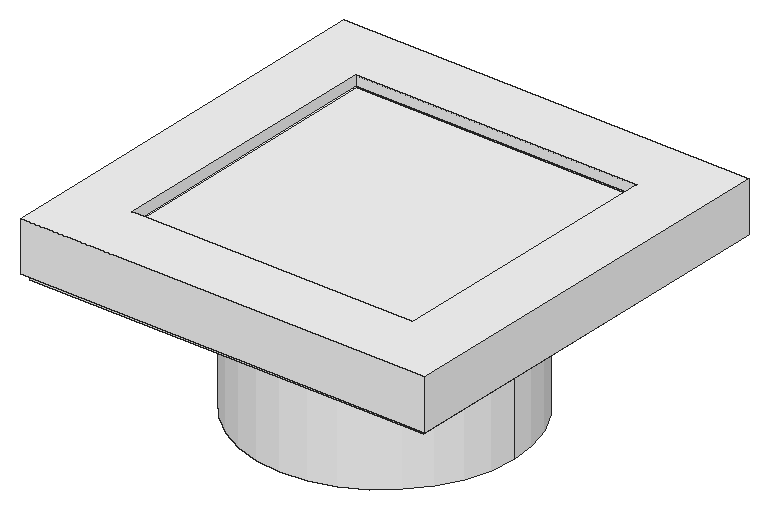
Revit family "Gira_110403", category Electrical Fixtures, host Face, Revit 2017
Family settings
  Host = Face
  Maintain Annotation Orientation = Yes
  Round Connector Dimension = Use Diameter
  Part Type = Normal
  Cut with Voids When Loaded = No
  Shared = No
  Room Calculation Point = No
Parameters (values of type "Wippschalter Anzeige Hotelzimmerstatus System 55 Reinweiß")
  Zusammenstellung = "Basiselement mit zentraler Abdeckplatte"
  White [instance] = White
  Werkstoffgüte = "sonstige"
  Werkstoff = "sonstige"
  Waschmaschinenschalter = "No"
  URL = "http://katalog.gira.de/de_DE/datenblatt.html?artikelnr=110403"
  Textfeld/Beschriftungsfläche = "nein"
  Tastschalter = "No"
  Schaltungsart = "Serienschalter"
  Rückmeldekontakt = "No"
  Region = "DE"
  RAL-Nummer (ähnlich) = "9010 "
  Oberfläche = "sonstige"
  Nennspannung = "250 Volt"
  Name = "Wippschalter Anzeige Hotelzimmerstatus System 55 Reinweiß"
  Montageart = "unter Putz"
  Model = "Sys55_Komplettgerät_Schalten und Tasten"
  Mit Montageplatte = "No"
  Manufacturer URL = "https://www.gira.de/"
  HeinzeBIM = "https://bimportal.heinze.de/bim/wippschalter-anzeige-hotelzimmerstatus-system-55-reinweiss/4941d33aacfa379d3e6990a1139f398284d29b29"
  Halogenfrei = "Yes"
  HAN = "110403"
  Geeignet für Schutzart (IP) = "IP20"
  GTIN = "4010337104032"
  Farbe = "weiß"
  Default Elevation = 1219.2 mm
  Data sheet (1) = "https://katalog.gira.de/de_DE/download.html?artikelnr=110403"
  Category = "Installationsschalter"
  Bemessungsstrom = "10 Ampere"
  Beleuchtung = "nein"
  Befestigungsart = "Krallen-/Schraubbefestigung"
  Bedienungsart = "Wippe/Taste"
  Available = "Yes"
  Ausführung der Oberfläche = "glänzend"
  Anzahl der Module (bei Modulbauweise) = "1 "
  Anzahl der Betätigungswippen = "2 "
  Anschlussart = "Steckklemme"
Reference planes
  plane 1 "Center (Front/Back)": y = 0
  plane 2: z = 0
  plane 3 "Center (Left/Right)": x = 0
Forms (mm)
  Extrusion 1, solid, material "White" <- "White", detail levels medium
    sketch origin (0, 0, 0) x (1, 0, 0) y (0, 1, 0)
      loop
        line (-40.4, 40.4) -> (-40.4, -40.4) -> (40.4, -40.4) -> (40.4, 40.4) -> (-40.4, 40.4)
      loop
        line (-28, 28) -> (-28, -28) -> (28, -28) -> (28, 28) -> (-28, 28)
    from 0 to 10
  Extrusion 2, solid, material "White" <- "White", detail levels fine
    sketch origin (0, 0, 0) x (1, 0, 0) y (0, 1, 0)
      loop
        line (-40.4, 40.4) -> (-40.4, -40.4) -> (40.4, -40.4) -> (40.4, 40.4) -> (-40.4, 40.4)
      loop
        line (-28, 28) -> (-28, -28) -> (28, -28) -> (28, 28) -> (-28, 28)
    from 0 to 10
  Extrusion 3, void
    sketch origin (0, 0, 0) x (1, 0, 0) y (0, 1, 0)
      loop
        line (-38.4, 38.4) -> (-38.4, -38.4) -> (38.4, -38.4) -> (38.4, 38.4) -> (-38.4, 38.4)
    from 0 to 8
  Extrusion 4, solid, material "White" <- "White", detail levels medium+fine
    sketch origin (0, 0, 0) x (1, 0, 0) y (0, 1, 0)
      loop
        line (-39.4, 39.4) -> (-39.4, -39.4) -> (39.4, -39.4) -> (39.4, 39.4) -> (-39.4, 39.4)
    from 0 to -1
  Extrusion 5, solid, material "White" <- "White", detail levels medium+fine
    sketch origin (0, 0, 0) x (1, 0, 0) y (0, 1, 0)
      loop
        line (-35.5, 35.5) -> (-35.5, -35.5) -> (35.5, -35.5) -> (35.5, 35.5) -> (-35.5, 35.5)
    from -2 to -3
  Extrusion 6, solid, material "White" <- "White", detail levels medium+fine
    sketch origin (0, 0, 0) x (1, 0, 0) y (0, 1, 0)
      loop
        circle (0, 0) r 26
    from 0 to -27.5
  Extrusion 7, solid, material "White" <- "White", detail levels coarse
    sketch origin (0, 0, 0) x (1, 0, 0) y (0, 1, 0)
      loop
        line (-40.4, 40.4) -> (-40.4, -40.4) -> (40.4, -40.4) -> (40.4, 40.4) -> (-40.4, 40.4)
    from -27.5 to 10
Cuts and joins
  Extrusion 3 cuts Extrusion 2
Dimensions and locks
  aligned and locked: plane 2 to host face
  aligned and locked: level to host face
  aligned and locked: plane 3 "Center (Left/Right)" to nested 2
  aligned and locked: plane 1 "Center (Front/Back)" to nested 2
Nested families
  nested 1: "Sys55_Abdeckung_Schalten und Tasten_floor_base" at (0, 0, 0), type "Sys55_Abdeckung_Schalten und Tasten_floor_base"
  nested 2: "Schalter" at (0, 0, 0), type "Schalter"
Connectors
  electrical at (0, 0, -27.5)
    settings: on Extrusion 6, index 1, voltage 220 V, apparent load 0 VA, apparent load phase1 0 VA, apparent load phase2 0 VA, apparent load phase3 0 VA, power factor 1, load classification "Other", number of poles 1, system type 30, power factor state 1, is connector primary yes, connector utility no, sub classification motor no, connector description ""
Definition of nested family "Sys55_Abdeckung_Schalten und Tasten_floor_base"
  Parameters
    Default Elevation = 1219.2 mm
    White [instance] = none
  Reference planes
    plane 1 "Center (Front/Back)": y = 0
    plane 2: z = 0
    plane 3 "Center (Left/Right)": x = 0
  Forms (mm)
    Extrusion 1, solid
      sketch origin (0, 0, 0) x (1, 0, 0) y (0, 1, 0)
        loop
          line (-1219.2, 1219.2) -> (-1219.2, -1219.2) -> (1219.2, -1219.2) -> (1219.2, 1219.2) -> (-1219.2, 1219.2)
      from 0 to -304.8
    Extrusion 2, solid, material <- "White", detail levels fine
      sketch origin (0, 0, 0) x (1, 0, 0) y (0, 1, 0)
        loop
          line (-27.5, 27.5) -> (-27.5, -27.5) -> (27.5, -27.5) -> (27.5, 27.5) -> (-27.5, 27.5)
      from 0 to 8
    Extrusion 3, void
      sketch origin (0, 0, 0) x (1, 0, 0) y (0, 1, 0)
        loop
          line (26, 26) -> (-26, 26) -> (-26, -26) -> (26, -26) -> (26, 26)
      from 0 to 6
    Extrusion 4, solid, material <- "White", detail levels medium
      sketch origin (0, 0, 0) x (1, 0, 0) y (0, 1, 0)
        loop
          line (-27.5, 27.5) -> (-27.5, -27.5) -> (27.5, -27.5) -> (27.5, 27.5) -> (-27.5, 27.5)
      from 0 to 8
    Extrusion 5, solid, material <- "White", detail levels medium
      sketch origin (0, 0, 0) x (1, 0, 0) y (0, 1, 0)
        loop
          line (11, -17.5) -> (11, 17.5) -> (-11, 17.5) -> (-11, -17.5) -> (11, -17.5)
      from -6 to 6
    Extrusion 6, solid, material <- "White", detail levels fine
      sketch origin (0, 0, 0) x (1, 0, 0) y (0, 1, 0)
        loop
          line (11, 17.5) -> (-11, 17.5) -> (-11, 16.5) -> (11, 16.5) -> (11, 17.5)
        loop
          line (-11, -16.5) -> (-11, -17.5) -> (11, -17.5) -> (11, -16.5) -> (-11, -16.5)
      from -4 to 6
    Extrusion 7, solid, material <- "White", detail levels fine
      sketch origin (0, 0, 0) x (1, 0, 0) y (0, 1, 0)
        loop
          arc (5, 9.347) -> (0, 10.6) -> (-5, 9.347) r 10.6
          line (-5, 9.347) -> (-5, -9.347)
          arc (-5, -9.347) -> (0, -10.6) -> (5, -9.347) r 10.6
          line (5, -9.347) -> (5, 9.347)
      from -6 to 6
    Extrusion 8, solid, material <- "White", detail levels coarse
      sketch origin (0, 0, 0) x (1, 0, 0) y (0, 1, 0)
        loop
          line (-27.5, 27.5) -> (-27.5, -27.5) -> (27.5, -27.5) -> (27.5, 27.5) -> (-27.5, 27.5)
      from -6 to 8
  Cuts and joins
    Extrusion 3 cuts Extrusion 2
  Dimensions and locks
    aligned and locked: plane 2 to Extrusion 1
    aligned and locked: level to Extrusion 1
Definition of nested family "Schalter"
  Reference planes
    plane 1: y = 0
    plane 2: x = 0
  Lines and regions (mm)
    detail lines
      curve 1: circle (1.375, 2.778, 0) r 0.8 normal (0, 0, 1)
      curve 2: line (1.021, 2.061, 0) -> (0, 0, 0)
      curve 3: line (0, 0, 0) -> (-0.538, 0.266, 0)
  Dimensions and locks
    curve 2 to curve 2 = 2.3 mm
    curve 3 to curve 2 = 0.6 mm
    radius of curve 1 = 0.8 mm
